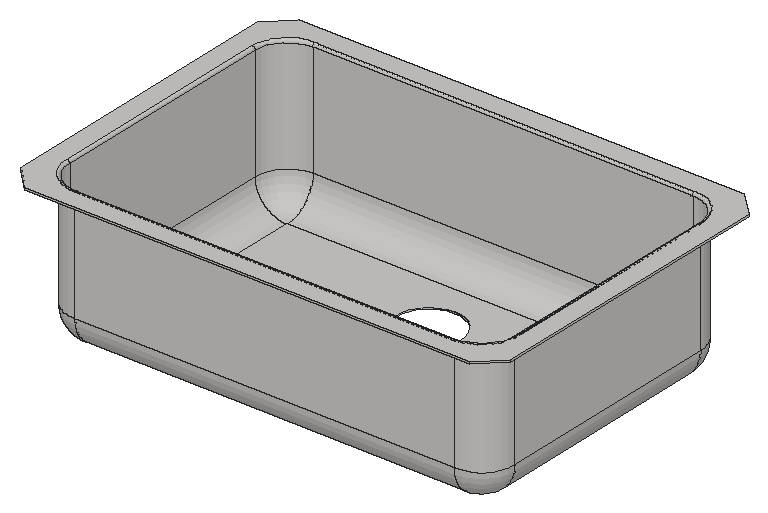
Revit family "Sink-Undermount-Acorn-SU-2416-80_Series", category Plumbing Fixtures, host Face, Revit 2019
Family settings
  Host = Face
  Round Connector Dimension = Use Diameter
  Part Type = Normal
  OmniClass Number = 23.45.05.14.14
  OmniClass Title = Sinks/Lavatories
  Cut with Voids When Loaded = No
  Shared = Yes
  Room Calculation Point = No
Parameters (values of type "SU-2416-80")
  Width = 26 1/2"  # constant formula
  Waste Connection = no
  WFU = 4  # constant formula
  Vent Connection = no
  URL = "https://www.acorneng.com/home"
  Type Comments = ""
  Product Page URL = ""
  Product Documentation Link = ""
  Model = "SU-2416-80"
  Material = "Stainless Steel-Acorn-Satin"  # constant formula
  Manufacturer = "Acorn"
  Length = 18 1/2"  # constant formula
  Installation Type = "Wall Mounted"
  Height = 8"
  HWFU = 3  # constant formula
  HW Connection = no
  Finish = Stainless Steel-Acorn-Satin
  Drain Opening Size = 3 1/2"
  Description = "Stainless Steel Undermount Sink"
  Default Elevation = 34"
  Creation Date = "23/12/2023"  # constant formula
  Compliance Certifications = "ASME A112.19.3/CSA B45.4, IAPMO® Certified"
  CWFU = 3  # constant formula
  CW Connection = no
  Bowl Width = 24"  # constant formula
  Bowl Length = 16"  # constant formula
  Assembly Code = "D2010440"
Reference planes (in)
  plane 1 "Center (Front/Back)": y = 0
  plane 2: z = 0
  plane 3 "Center (Left/Right)": x = 0
  plane 4: z = -8
  plane 5: z = 0
  plane 6: z = 0
  plane 7: z = 0
  plane 8: x = -13.25
  plane 9: x = 13.25
  plane 10: x = -12
  plane 11: x = 12
  plane 12: y = -18.5
  plane 13: y = -17.25
  plane 14: y = -1.25
  plane 15: y = -6.25
Forms (in)
  Extrusion 1, solid, material "Stainless Steel-Acorn-Satin" <- "Finish"
    sketch origin (-22.32594, 1.28976, -3.09717) x (1, 0, 0) y (0, 1, 0)
      loop
        circle (22.32594, -7.53976) r 1.75
      loop
        arc (12.07594, -4.22734) -> (12.03181, -4.24562) -> (12.01353, -4.28976) r 0.06242
        line (12.01353, -4.28976) -> (12.01353, -16.78976)
        arc (12.01353, -16.78976) -> (12.03181, -16.83389) -> (12.07594, -16.85218) r 0.06242
        line (12.07594, -16.85218) -> (32.57594, -16.85218)
        arc (32.57594, -16.85218) -> (32.62008, -16.83389) -> (32.63836, -16.78976) r 0.06242
        line (32.63836, -16.78976) -> (32.63836, -4.28976)
        arc (32.63836, -4.28976) -> (32.62008, -4.24562) -> (32.57594, -4.22734) r 0.06242
        line (32.57594, -4.22734) -> (12.07594, -4.22734)
    from -4.90302 to -4.84052
  Sweep 2, solid, material "Stainless Steel-Acorn-Satin" <- "Finish"
    path origin (-3.75, 0.4907, 0) x (1, 0, 0) y (0, 1, 0)
      loop
        line (-8.25, -3.4907) -> (-8.25, -15.9907)
        arc (-8.25, -15.9907) -> (-7.73744, -17.22814) -> (-6.5, -17.7407) r 1.75
        line (-6.5, -17.7407) -> (14, -17.7407)
        arc (14, -17.7407) -> (15.23744, -17.22814) -> (15.75, -15.9907) r 1.75
        line (15.75, -15.9907) -> (15.75, -3.4907)
        arc (15.75, -3.4907) -> (15.23744, -2.25326) -> (14, -1.7407) r 1.75
        line (14, -1.7407) -> (-6.5, -1.7407)
        arc (-6.5, -1.7407) -> (-7.73744, -2.25326) -> (-8.25, -3.4907) r 1.75
    profile origin (-12, -9.25, 0) x (1, 0, 0) y (0, 0, 1)
      loop
        line (-0.15271, 0) -> (-0.21339, 0) -> (-0.21339, -0.09698) -> (-0.11121, -0.09698)
        arc (-0.11121, -0.09698) -> (-0.07671, -0.11127) -> (-0.06242, -0.14578) r 0.0488
        line (-0.06242, -0.14578) -> (-0.06242, -6.25019)
        arc (-0.06242, -6.25019) -> (0.45015, -7.48762) -> (1.68758, -8.00019) r 1.75
        line (1.68758, -8.00019) -> (1.68758, -7.93769)
        arc (1.68758, -7.93769) -> (0.49434, -7.44343) -> (0.00008, -6.25019) r 1.6875
        line (0.00008, -6.25019) -> (0.00008, -0.15279)
        arc (0.00008, -0.15279) -> (-0.04467, -0.04475) -> (-0.15271, 0) r 0.15279
  Extrusion 3, solid, material "Stainless Steel-Acorn-Satin" <- "Finish"
    sketch origin (-3.75, 0.4907, -0.09698) x (1, 0, 0) y (0, 1, 0)
      loop
        line (-9.5, -1.7407) -> (-9.5, -17.7407) -> (-8.25, -18.9907) -> (15.75, -18.9907) -> (17, -17.7407) -> (17, -1.7407) -> (15.75, -0.4907) -> (-8.25, -0.4907) -> (-9.5, -1.7407)
      loop
        arc (-6.5, -1.52731) -> (-7.88833, -2.10238) -> (-8.46339, -3.4907) r 1.96339
        line (-8.46339, -3.4907) -> (-8.46339, -15.9907)
        arc (-8.46339, -15.9907) -> (-7.88833, -17.37903) -> (-6.5, -17.95409) r 1.96339
        line (-6.5, -17.95409) -> (14, -17.95409)
        arc (14, -17.95409) -> (15.38833, -17.37903) -> (15.96339, -15.9907) r 1.96339
        line (15.96339, -15.9907) -> (15.96339, -3.4907)
        arc (15.96339, -3.4907) -> (15.38833, -2.10238) -> (14, -1.52731) r 1.96339
        line (14, -1.52731) -> (-6.5, -1.52731)
    from 0 to 0.09698
  Extrusion 4, void
    sketch origin (-2.25, 0.2407, 0) x (1, 0, 0) y (0, 1, 0)
      loop
        line (-9.75, -0.2407) -> (-11, -1.4907) -> (-11, -17.4907) -> (-9.75, -18.7407) -> (14.25, -18.7407) -> (15.5, -17.4907) -> (15.5, -1.4907) -> (14.25, -0.2407) -> (-9.75, -0.2407)
    from -9.39189 to 0
Cuts and joins
  joined: Extrusion 1, Sweep 2, Extrusion 3
Dimensions and locks (in)
  host face to plane 4 = 8"
  "Width": plane 8 to plane 9
  plane 10 to plane 3 "Center (Left/Right)" = 12"
  "Bowl Width": plane 10 to plane 11
  "Length": plane 12 to plane 1 "Center (Front/Back)"
  locked: plane 13 to plane 12 at 1.25
  "Bowl Length": plane 14 to plane 13
  plane 14 to plane 15 = 5"
  aligned and locked: host face to plane 2
  aligned and locked: host face to level
  aligned and locked: plane 15 to Extrusion 1 sketch curve
  aligned and locked: Extrusion 3 sketch curve to cut or joined group of Extrusion 1, Sweep 2, Extrusion 3  (x4)
  aligned and locked: level to Extrusion 4
  aligned and locked: plane 3 "Center (Left/Right)" to Extrusion 1 sketch curve
Automatic sketch dimensions
  host sketch curve to host sketch curve = 161.60125"
  host sketch curve to host sketch curve = 96"
  Sweep 2 sketch curve to plane 10 = 0"
  Sweep 2 sketch curve to plane 14 = 0"
  Sweep 2 sketch curve to plane 13 = 0"
  Sweep 2 sketch curve to plane 11 = 0"
  Sweep 2 sketch curve to Sweep 2 sketch curve = 1 3/4"
  plane 10 to Sweep 2 sketch curve = 1 3/4"
  plane 11 to Sweep 2 sketch curve = 1 3/4"  (x2)
  plane 10 to Extrusion 1 sketch curve = 1 3/4"
  Extrusion 1 sketch curve to Extrusion 1 sketch curve = 0.06242"  (x4)
  plane 13 to Extrusion 1 sketch curve = 1 3/4"
  Extrusion 1 sketch curve to plane 14 = 1 3/4"
  plane 11 to Extrusion 1 sketch curve = 1 3/4"
  Extrusion 4 sketch curve to plane 10 = 0"  (x2)
  Extrusion 4 sketch curve to plane 11 = 0"  (x2)
  plane 1 "Center (Front/Back)" to Extrusion 4 sketch curve = 0"
  Extrusion 4 sketch curve to plane 9 = 0"
  Extrusion 4 sketch curve to plane 12 = 0"
  Extrusion 4 sketch curve to plane 13 = 0"  (x2)
  Extrusion 4 sketch curve to plane 14 = 0"  (x2)
  Extrusion 4 sketch curve to plane 8 = 0"
  Extrusion 3 sketch curve to plane 8 = 0"
  Extrusion 3 sketch curve to plane 10 = 0"  (x2)
  plane 1 "Center (Front/Back)" to Extrusion 3 sketch curve = 0"
  Extrusion 3 sketch curve to plane 11 = 0"  (x2)
  Extrusion 3 sketch curve to plane 9 = 0"
  Extrusion 3 sketch curve to plane 12 = 0"
  Extrusion 3 sketch curve to plane 13 = 0"  (x2)
  Extrusion 3 sketch curve to plane 14 = 0"  (x2)
  plane 10 to Extrusion 3 sketch curve = 1 3/4"  (x2)
  plane 11 to Extrusion 3 sketch curve = 1 3/4"
  Extrusion 3 sketch curve to plane 14 = 1 3/4"
  Sweep 2 sketch curve to Sweep 2 sketch curve = 0"  (x2)
  Sweep 2 sketch curve to profile plane = 0"
  profile plane to Sweep 2 sketch curve = 0.21339"
  Sweep 2 sketch curve to Sweep 2 sketch curve = 0.06068"
  Sweep 2 sketch curve to Sweep 2 sketch curve = 0.0415"
  profile plane to Sweep 2 sketch curve = 0.06242"
  Sweep 2 sketch curve to profile plane = 0.00008"
  Sweep 2 sketch curve to Sweep 2 sketch curve = 1 11/16"
  Sweep 2 sketch curve to profile plane = 6.25019"
  Sweep 2 sketch curve to Sweep 2 sketch curve = 0.00701"
  radius of Extrusion 1 sketch curve = 1 3/4"
